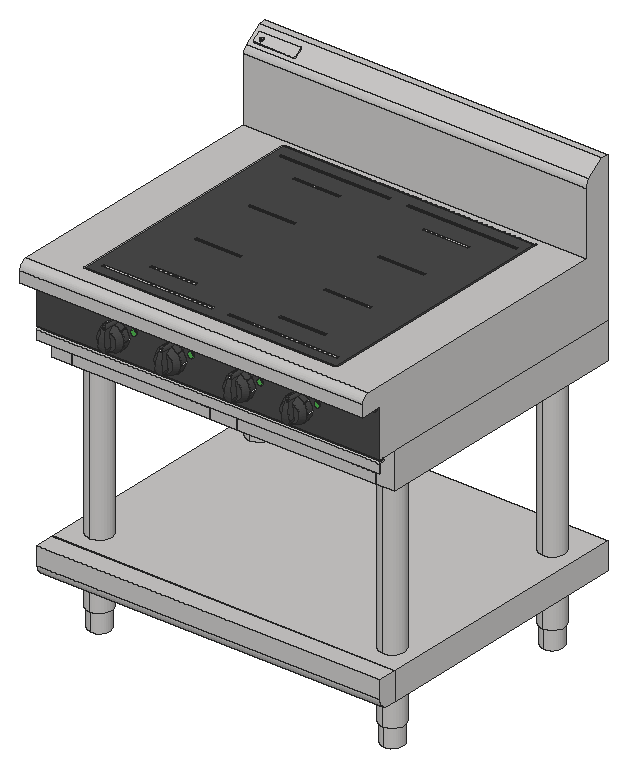
Revit family "QF_Moffat_INB8400F-LS_Induction_Cooktop_cat", category Specialty Equipment, Revit 2019
Family settings
  Round Connector Dimension = Use Diameter
  Part Type = Normal
  Work Plane-Based = No
  Always vertical = Yes
  Cut with Voids When Loaded = No
  Shared = No
  Room Calculation Point = No
Parameters (values of type "INB8400F-LS_415/60/3")
  Weight in Kilograms = 105
  Watts = 20000 W
  Volts = 415 V
  URL Cutsheet = ""
  Specification by User = ""
  Specification by Manufacturer = ""
  Show Logo [instance] = yes
  Serial Number = ""
  Seismic Rating = ""
  SMACNA No = ""
  Revision Code = ""
  Phase = 3
  Number of Poles = 1
  NAFEM Spec ID Number = ""
  Model = "INB8400F-LS"
  Min Ckt Ampacity = 0 A
  Max Overcurrent Protection = 0 A
  Masterspec = ""
  Manufacturer = "Moffat"
  Length = 900 mm
  Item Number = ""
  Installed By = ""
  Identify Quantity as Lot = yes
  Height = 1130 mm
  HP = ""
  Furnished By = ""
  Foodservice Equipment Identifier = yes
  FL Amps = 28 A
  Electrical Remarks = ""
  Electric Connection Type = ""
  Elec Conn RI Height = 0 mm
  Elec Conn Connection Height = 0 mm
  Description = "Induction Cooktop"
  Depth = 805 mm
  Cycle = 60 Hz
  Conn Plug = ""
  Conn Conduit = yes
  CSI MasterFormat = ""
  Apparent Power = 16608 VA
Reference planes
  plane 1 "BACK": y = 0
  plane 2: z = 0
  plane 3 "LEFT": x = 0
  plane 4 "RIGHT": x = 900
  plane 5 "FRONT": y = -805
  plane 6 "TOP": z = 1130
  plane 7 "Center Y": x = 450
  plane 8 "Center X": y = -402.5
  plane 9: x = 65.5
  plane 10: x = 834.5
  plane 11: y = -30
  plane 12: z = 150
  plane 13: y = -100
  plane 14: y = -625
  plane 15: y = -70
  plane 16: z = 915
  plane 17: x = 770
Forms (mm)
  Extrusion 1, solid, material "QF_Metal_Stainless_Polished"
    sketch origin (0, 0, 560) x (0, 1, 0) y (0, 0, 1)
      loop
        line (0, 180) -> (0, 570) -> (-18.182, 570) -> (-60.863, 538.99)
        arc (-60.863, 538.99) -> (-67.584, 531.121) -> (-70, 521.058) r 22.165
        line (-70, 521.058) -> (-70, 355) -> (-784.417, 355)
        arc (-784.417, 355) -> (-798.971, 348.971) -> (-805, 334.417) r 20.583
        line (-805, 334.417) -> (-805, 305) -> (-749, 305) -> (-749, 180) -> (0, 180)
    from 0 to 900
  Extrusion 2, void
    sketch origin (0, -784.171, 915) x (0, 1, 0) y (-1, 0, 0)
      loop
        arc (699.341, -122.382) -> (697.584, -118.139) -> (693.341, -116.382) r 6
        line (693.341, -116.382) -> (45.245, -116.382)
        arc (45.245, -116.382) -> (41.002, -118.139) -> (39.245, -122.382) r 6
        line (39.245, -122.382) -> (39.245, -777.618)
        arc (39.245, -777.618) -> (41.002, -781.861) -> (45.245, -783.618) r 6
        line (45.245, -783.618) -> (693.341, -783.618)
        arc (693.341, -783.618) -> (697.584, -781.861) -> (699.341, -777.618) r 6
        line (699.341, -777.618) -> (699.341, -122.382)
    from 0 to -9.5
  Extrusion 3, solid, material "QF_Plastic_Black_Smooth"
    sketch origin (0, -784.171, 915) x (0, 1, 0) y (-1, 0, 0)
      loop
        line (695.341, -777.618) -> (695.341, -122.382)
        arc (695.341, -122.382) -> (694.755, -120.968) -> (693.341, -120.382) r 2
        line (693.341, -120.382) -> (45.245, -120.382)
        arc (45.245, -120.382) -> (43.831, -120.968) -> (43.245, -122.382) r 2
        line (43.245, -122.382) -> (43.245, -777.618)
        arc (43.245, -777.618) -> (43.831, -779.032) -> (45.245, -779.618) r 2
        line (45.245, -779.618) -> (693.341, -779.618)
        arc (693.341, -779.618) -> (694.755, -779.032) -> (695.341, -777.618) r 2
      loop
        line (663.444, -138.924) -> (657.444, -138.924) -> (657.444, -426.076) -> (663.444, -426.076) -> (663.444, -138.924)
      loop
        line (78.838, -141.424) -> (72.838, -141.424) -> (72.838, -428.576) -> (78.838, -428.576) -> (78.838, -141.424)
      loop
        line (663.444, -761.076) -> (663.444, -473.924) -> (657.444, -473.924) -> (657.444, -761.076) -> (663.444, -761.076)
      loop
        line (78.838, -758.576) -> (78.838, -471.424) -> (72.838, -471.424) -> (72.838, -758.576) -> (78.838, -758.576)
      loop
        line (600.671, -220) -> (600.671, -340) -> (606.671, -340) -> (606.671, -220) -> (600.671, -220)
      loop
        line (454.421, -220) -> (454.421, -340) -> (460.421, -340) -> (460.421, -220) -> (454.421, -220)
      loop
        line (283.728, -340) -> (283.728, -220) -> (277.728, -220) -> (277.728, -340) -> (283.728, -340)
      loop
        line (136.404, -340) -> (136.404, -220) -> (130.404, -220) -> (130.404, -340) -> (136.404, -340)
      loop
        line (600.671, -680) -> (606.671, -680) -> (606.671, -560) -> (600.671, -560) -> (600.671, -680)
      loop
        line (454.421, -680) -> (460.421, -680) -> (460.421, -560) -> (454.421, -560) -> (454.421, -680)
      loop
        line (283.728, -560) -> (277.728, -560) -> (277.728, -680) -> (283.728, -680) -> (283.728, -560)
      loop
        line (136.404, -560) -> (130.404, -560) -> (130.404, -680) -> (136.404, -680) -> (136.404, -560)
    from 0 to -9.5
  Extrusion 4, solid, material "QF_Metal_Stainless_Polished"
    sketch origin (0, 0, 600) x (0, 1, 0) y (0, 0, 1)
      loop
        line (-739.467, 140) -> (-738.192, 134.838)
        arc (-738.192, 134.838) -> (-738.307, 134.302) -> (-738.799, 134.063) r 0.625
        line (-738.799, 134.063) -> (-746.111, 134.063)
        arc (-746.111, 134.063) -> (-748.011, 133.276) -> (-748.797, 131.377) r 2.686
        line (-748.797, 131.377) -> (-748.797, 107.627) -> (-747.197, 107.627) -> (-747.197, 131.242)
        arc (-747.197, 131.242) -> (-746.84, 132.105) -> (-745.976, 132.463) r 1.221
        line (-745.976, 132.463) -> (-738.755, 132.463)
        arc (-738.755, 132.463) -> (-737.028, 133.304) -> (-736.625, 135.182) r 2.194
        line (-736.625, 135.182) -> (-737.815, 140) -> (-739.467, 140)
    from 0 to 900
  Extrusion 5, solid, material "QF_Plastic_Black_Smooth"
    sketch origin (0, -749, 741.875) x (0, 0, 1) y (-1, 0, 0)
      loop
        circle (112.843, -13.157) r 5
      loop
        circle (112.843, -886.843) r 5
    from 0 to 1.6
  Extrusion 6, solid, material "QF_Metal_Stainless_Polished"
    sketch origin (450, -699, 645) x (0, 1, 0) y (1, 0, 0)
      loop
        circle (669, 320) r 6.35
    from 0 to 10
  Extrusion 7, solid, material "QF_Metal_Stainless_Polished"
    sketch origin (0, -699, 645) x (1, 0, 0) y (0, -1, 0)
      loop
        line (0, -699) -> (900, -699) -> (900, 0) -> (849.2, 0) -> (849.2, -25.4) -> (485.8, -25.4) -> (485.8, 0) -> (414.2, 0) -> (414.2, -25.4) -> (50.8, -25.4) -> (50.8, 0) -> (0, 0) -> (0, -699)
    from 0 to -95
  Extrusion 8, solid, material "QF_Metal_Stainless_Polished"
    sketch origin (50.8, -30, 645) x (0, 1, 0) y (0, 0, 1)
      loop
        line (-669, 0) -> (-643.6, 0) -> (-643.6, 26.45) -> (-669, 26.45) -> (-669, 0)
      loop
        line (-669, 32.45) -> (-643.6, 32.45) -> (-643.6, 66.4) -> (-669, 66.4) -> (-669, 32.45)
      loop
        line (-669, 67.4) -> (-643.6, 67.4) -> (-643.6, 95) -> (-669, 95) -> (-669, 67.4)
    from 0 to 363.4
  Extrusion 9, solid, material "QF_Metal_Stainless_Polished"
    sketch origin (900, 0, 560) x (-1, 0, 0) y (0, -1, 0)
      loop
        line (761.076, 126.726) -> (473.924, 126.726) -> (473.924, 120.726) -> (761.076, 120.726) -> (761.076, 126.726)
      loop
        line (680, 183.5) -> (560, 183.5) -> (560, 177.5) -> (680, 177.5) -> (680, 183.5)
      loop
        line (680, 329.75) -> (560, 329.75) -> (560, 323.75) -> (680, 323.75) -> (680, 329.75)
      loop
        line (680, 506.443) -> (560, 506.443) -> (560, 500.443) -> (680, 500.443) -> (680, 506.443)
      loop
        line (680, 653.766) -> (560, 653.766) -> (560, 647.766) -> (680, 647.766) -> (680, 653.766)
      loop
        line (758.576, 711.333) -> (471.424, 711.333) -> (471.424, 705.333) -> (758.576, 705.333) -> (758.576, 711.333)
      loop
        line (138.924, 126.726) -> (138.924, 120.726) -> (426.076, 120.726) -> (426.076, 126.726) -> (138.924, 126.726)
      loop
        line (220, 183.5) -> (220, 177.5) -> (340, 177.5) -> (340, 183.5) -> (220, 183.5)
      loop
        line (220, 329.75) -> (220, 323.75) -> (340, 323.75) -> (340, 329.75) -> (220, 329.75)
      loop
        line (220, 506.443) -> (220, 500.443) -> (340, 500.443) -> (340, 506.443) -> (220, 506.443)
      loop
        line (220, 653.766) -> (220, 647.766) -> (340, 647.766) -> (340, 653.766) -> (220, 653.766)
      loop
        line (141.424, 711.333) -> (141.424, 705.333) -> (428.576, 705.333) -> (428.576, 711.333) -> (141.424, 711.333)
    from 355 to 345.5
  Extrusion 10, solid, material "QF_Paint_Green"
    sketch origin (123.231, -748.999, 713.75) x (0, 0, 1) y (-1, 0, 0)
      loop
        circle (100.3, -282.5) r 7.15
    from 0 to 1.6
  Extrusion 11, solid, material "QF_Plastic_Black_Smooth"
    sketch origin (135, -748.999, 725.625) x (0, 0, 1) y (-1, 0, 0)
      loop
        circle (112.843, -225) r 5
    from 0 to 1.6
  Extrusion 12, solid, material "QF_Paint_Green"
    sketch origin (-26.769, -748.999, 713.75) x (0, 0, 1) y (-1, 0, 0)
      loop
        circle (100.3, -282.5) r 7.15
    from 0 to 1.6
  Extrusion 13, solid, material "QF_Plastic_Black_Smooth"
    sketch origin (-15, -748.999, 725.625) x (0, 0, 1) y (-1, 0, 0)
      loop
        circle (112.843, -225) r 5
    from 0 to 1.6
  Extrusion 14, solid, material "QF_Paint_Green"
    sketch origin (454.481, -748.999, 713.75) x (0, 0, 1) y (-1, 0, 0)
      loop
        circle (100.3, -282.5) r 7.15
    from 0 to 1.6
  Extrusion 15, solid, material "QF_Plastic_Black_Smooth"
    sketch origin (466.25, -748.999, 725.625) x (0, 0, 1) y (-1, 0, 0)
      loop
        circle (112.843, -225) r 5
    from 0 to 1.6
  Extrusion 16, solid, material "QF_Paint_Green"
    sketch origin (304.481, -748.999, 713.75) x (0, 0, 1) y (-1, 0, 0)
      loop
        circle (100.3, -282.5) r 7.15
    from 0 to 1.6
  Extrusion 17, solid, material "QF_Plastic_Black_Smooth"
    sketch origin (316.25, -748.999, 725.625) x (0, 0, 1) y (-1, 0, 0)
      loop
        circle (112.843, -225) r 5
    from 0 to 1.6
  Extrusion 18, solid, material "QF_Metal_Stainless_Polished"
    sketch origin (849.2, -30, 645) x (0, 1, 0) y (0, 0, -1)
      loop
        line (-669, 0) -> (-669, -26.45) -> (-643.6, -26.45) -> (-643.6, 0) -> (-669, 0)
      loop
        line (-669, -32.45) -> (-669, -66.4) -> (-643.6, -66.4) -> (-643.6, -32.45) -> (-669, -32.45)
      loop
        line (-669, -67.4) -> (-669, -95) -> (-643.6, -95) -> (-643.6, -67.4) -> (-669, -67.4)
    from 0 to 363.4
Cuts and joins
  Extrusion 2 cuts Extrusion 1
Lines and regions (mm)
  symbolic lines
    curve 1: line (0, 0, 0) -> (900, 0, 0)
    curve 2: line (0, -805, 0) -> (0, 0, 0)
    curve 3: line (900, -805, 0) -> (0, -805, 0)
    curve 4: line (900, 0, 0) -> (900, -805, 0)
    curve 5: line (0, -18.182, 0) -> (900, -18.182, 0)
    curve 6: line (0, -70, 0) -> (450, -70, 0)
    curve 7: line (122.382, -84.83, 0) -> (777.618, -84.83, 0)
    curve 8: arc (777.618, -84.83, 0) -> (781.861, -86.587, 0) -> (783.618, -90.83, 0) r 6
    curve 9: line (783.618, -90.83, 0) -> (783.618, -738.926, 0)
    curve 10: arc (783.618, -738.926, 0) -> (781.861, -743.168, 0) -> (777.618, -744.926, 0) r 6
    curve 11: line (777.618, -744.926, 0) -> (122.382, -744.926, 0)
    curve 12: arc (122.382, -744.926, 0) -> (118.139, -743.168, 0) -> (116.382, -738.926, 0) r 6
    curve 13: line (116.382, -738.926, 0) -> (116.382, -90.83, 0)
    curve 14: arc (116.382, -90.83, 0) -> (118.139, -86.587, 0) -> (122.382, -84.83, 0) r 6
    curve 15: line (777.618, -88.83, 0) -> (122.382, -88.83, 0)
    curve 16: arc (122.382, -88.83, 0) -> (120.968, -89.415, 0) -> (120.382, -90.83, 0) r 2
    curve 17: line (120.382, -90.83, 0) -> (120.382, -738.926, 0)
    curve 18: arc (120.382, -738.926, 0) -> (120.968, -740.34, 0) -> (122.382, -740.926, 0) r 2
    curve 19: line (122.382, -740.926, 0) -> (777.618, -740.926, 0)
    curve 20: arc (777.618, -740.926, 0) -> (779.032, -740.34, 0) -> (779.618, -738.926, 0) r 2
    curve 21: line (779.618, -738.926, 0) -> (779.618, -90.83, 0)
    curve 22: arc (779.618, -90.83, 0) -> (779.032, -89.415, 0) -> (777.618, -88.83, 0) r 2
    curve 23: line (783.618, -738.926, 0) -> (783.618, -90.83, 0)
    curve 24: line (779.618, -90.83, 0) -> (779.618, -738.926, 0)
    curve 25: line (138.924, -126.726, 0) -> (426.076, -126.726, 0)
    curve 26: line (426.076, -126.726, 0) -> (426.076, -120.726, 0)
    curve 27: line (426.076, -120.726, 0) -> (138.924, -120.726, 0)
    curve 28: line (138.924, -120.726, 0) -> (138.924, -126.726, 0)
    curve 29: line (220, -183.5, 0) -> (340, -183.5, 0)
    curve 30: line (340, -183.5, 0) -> (340, -177.5, 0)
    curve 31: line (340, -177.5, 0) -> (220, -177.5, 0)
    curve 32: line (220, -177.5, 0) -> (220, -183.5, 0)
    curve 33: line (220, -329.75, 0) -> (340, -329.75, 0)
    curve 34: line (340, -329.75, 0) -> (340, -323.75, 0)
    curve 35: line (340, -323.75, 0) -> (220, -323.75, 0)
    curve 36: line (220, -323.75, 0) -> (220, -329.75, 0)
    curve 37: line (220, -506.443, 0) -> (340, -506.443, 0)
    curve 38: line (340, -506.443, 0) -> (340, -500.443, 0)
    curve 39: line (340, -500.443, 0) -> (220, -500.443, 0)
    curve 40: line (220, -500.443, 0) -> (220, -506.443, 0)
    curve 41: line (220, -653.766, 0) -> (340, -653.766, 0)
    curve 42: line (340, -653.766, 0) -> (340, -647.766, 0)
    curve 43: line (340, -647.766, 0) -> (220, -647.766, 0)
    curve 44: line (220, -647.766, 0) -> (220, -653.766, 0)
    curve 45: line (141.424, -711.333, 0) -> (428.576, -711.333, 0)
    curve 46: line (428.576, -711.333, 0) -> (428.576, -705.333, 0)
    curve 47: line (428.576, -705.333, 0) -> (141.424, -705.333, 0)
    curve 48: line (141.424, -705.333, 0) -> (141.424, -711.333, 0)
    curve 49: line (471.424, -711.333, 0) -> (758.576, -711.333, 0)
    curve 50: line (758.576, -711.333, 0) -> (758.576, -705.333, 0)
    curve 51: line (758.576, -705.333, 0) -> (471.424, -705.333, 0)
    curve 52: line (471.424, -705.333, 0) -> (471.424, -711.333, 0)
    curve 53: line (680, -653.766, 0) -> (560, -653.766, 0)
    curve 54: line (560, -653.766, 0) -> (560, -647.766, 0)
    curve 55: line (560, -647.766, 0) -> (680, -647.766, 0)
    curve 56: line (680, -647.766, 0) -> (680, -653.766, 0)
    curve 57: line (560, -506.443, 0) -> (680, -506.443, 0)
    curve 58: line (680, -506.443, 0) -> (680, -500.443, 0)
    curve 59: line (680, -500.443, 0) -> (560, -500.443, 0)
    curve 60: line (560, -500.443, 0) -> (560, -506.443, 0)
    curve 61: line (560, -329.75, 0) -> (680, -329.75, 0)
    curve 62: line (680, -329.75, 0) -> (680, -323.75, 0)
    curve 63: line (680, -323.75, 0) -> (560, -323.75, 0)
    curve 64: line (560, -323.75, 0) -> (560, -329.75, 0)
    curve 65: line (680, -177.5, 0) -> (560, -177.5, 0)
    curve 66: line (560, -177.5, 0) -> (560, -183.5, 0)
    curve 67: line (560, -183.5, 0) -> (680, -183.5, 0)
    curve 68: line (680, -183.5, 0) -> (680, -177.5, 0)
    curve 69: line (473.924, -126.726, 0) -> (761.076, -126.726, 0)
    curve 70: line (761.076, -126.726, 0) -> (761.076, -120.726, 0)
    curve 71: line (761.076, -120.726, 0) -> (473.924, -120.726, 0)
    curve 72: line (473.924, -120.726, 0) -> (473.924, -126.726, 0)
    curve 73: line (0, 0, 560) -> (900, 0, 560)
    curve 74: line (0, -805, 560) -> (0, 0, 560)
    curve 75: line (900, -805, 560) -> (0, -805, 560)
    curve 76: line (900, 0, 560) -> (900, -805, 560)
    curve 77: line (0, -18.182, 560) -> (900, -18.182, 560)
    curve 78: line (0, -70, 560) -> (900, -70, 560)
    curve 79: line (122.382, -84.83, 560) -> (777.618, -84.83, 560)
    curve 80: arc (777.618, -84.83, 560) -> (781.861, -86.587, 560) -> (783.618, -90.83, 560) r 6
    curve 81: line (783.618, -90.83, 560) -> (783.618, -738.926, 560)
    curve 82: arc (783.618, -738.926, 560) -> (781.861, -743.168, 560) -> (777.618, -744.926, 560) r 6
    curve 83: line (777.618, -744.926, 560) -> (122.382, -744.926, 560)
    curve 84: arc (122.382, -744.926, 560) -> (118.139, -743.168, 560) -> (116.382, -738.926, 560) r 6
    curve 85: line (116.382, -738.926, 560) -> (116.382, -90.83, 560)
    curve 86: arc (116.382, -90.83, 560) -> (118.139, -86.587, 560) -> (122.382, -84.83, 560) r 6
    curve 87: line (777.618, -88.83, 560) -> (122.382, -88.83, 560)
    curve 88: arc (122.382, -88.83, 560) -> (120.968, -89.415, 560) -> (120.382, -90.83, 560) r 2
    curve 89: line (120.382, -90.83, 560) -> (120.382, -738.926, 560)
    curve 90: arc (120.382, -738.926, 560) -> (120.968, -740.34, 560) -> (122.382, -740.926, 560) r 2
    curve 91: line (122.382, -740.926, 560) -> (777.618, -740.926, 560)
    curve 92: arc (777.618, -740.926, 560) -> (779.032, -740.34, 560) -> (779.618, -738.926, 560) r 2
    curve 93: line (779.618, -738.926, 560) -> (779.618, -90.83, 560)
    curve 94: arc (779.618, -90.83, 560) -> (779.032, -89.415, 560) -> (777.618, -88.83, 560) r 2
    curve 95: line (783.618, -738.926, 560) -> (783.618, -90.83, 560)
    curve 96: line (779.618, -90.83, 560) -> (779.618, -738.926, 560)
    curve 97: line (138.924, -126.726, 560) -> (426.076, -126.726, 560)
    curve 98: line (426.076, -126.726, 560) -> (426.076, -120.726, 560)
    curve 99: line (426.076, -120.726, 560) -> (138.924, -120.726, 560)
    curve 100: line (138.924, -120.726, 560) -> (138.924, -126.726, 560)
    curve 101: line (220, -183.5, 560) -> (340, -183.5, 560)
    curve 102: line (340, -183.5, 560) -> (340, -177.5, 560)
    curve 103: line (340, -177.5, 560) -> (220, -177.5, 560)
    curve 104: line (220, -177.5, 560) -> (220, -183.5, 560)
    curve 105: line (220, -329.75, 560) -> (340, -329.75, 560)
    curve 106: line (340, -329.75, 560) -> (340, -323.75, 560)
    curve 107: line (340, -323.75, 560) -> (220, -323.75, 560)
    curve 108: line (220, -323.75, 560) -> (220, -329.75, 560)
    curve 109: line (220, -506.443, 560) -> (340, -506.443, 560)
    curve 110: line (340, -506.443, 560) -> (340, -500.443, 560)
    curve 111: line (340, -500.443, 560) -> (220, -500.443, 560)
    curve 112: line (220, -500.443, 560) -> (220, -506.443, 560)
    curve 113: line (220, -653.766, 560) -> (340, -653.766, 560)
    curve 114: line (340, -653.766, 560) -> (340, -647.766, 560)
    curve 115: line (340, -647.766, 560) -> (220, -647.766, 560)
    curve 116: line (220, -647.766, 560) -> (220, -653.766, 560)
    curve 117: line (141.424, -711.333, 560) -> (428.576, -711.333, 560)
    curve 118: line (428.576, -711.333, 560) -> (428.576, -705.333, 560)
    curve 119: line (428.576, -705.333, 560) -> (141.424, -705.333, 560)
    curve 120: line (141.424, -705.333, 560) -> (141.424, -711.333, 560)
    curve 121: line (471.424, -711.333, 560) -> (758.576, -711.333, 560)
    curve 122: line (758.576, -711.333, 560) -> (758.576, -705.333, 560)
    curve 123: line (758.576, -705.333, 560) -> (471.424, -705.333, 560)
    curve 124: line (471.424, -705.333, 560) -> (471.424, -711.333, 560)
    curve 125: line (680, -653.766, 560) -> (560, -653.766, 560)
    curve 126: line (560, -653.766, 560) -> (560, -647.766, 560)
    curve 127: line (560, -647.766, 560) -> (680, -647.766, 560)
    curve 128: line (680, -647.766, 560) -> (680, -653.766, 560)
    curve 129: line (560, -506.443, 560) -> (680, -506.443, 560)
    curve 130: line (680, -506.443, 560) -> (680, -500.443, 560)
    curve 131: line (680, -500.443, 560) -> (560, -500.443, 560)
    curve 132: line (560, -500.443, 560) -> (560, -506.443, 560)
    curve 133: line (560, -329.75, 560) -> (680, -329.75, 560)
    curve 134: line (680, -329.75, 560) -> (680, -323.75, 560)
    curve 135: line (680, -323.75, 560) -> (560, -323.75, 560)
    curve 136: line (560, -323.75, 560) -> (560, -329.75, 560)
    curve 137: line (680, -177.5, 560) -> (560, -177.5, 560)
    curve 138: line (560, -177.5, 560) -> (560, -183.5, 560)
    curve 139: line (560, -183.5, 560) -> (680, -183.5, 560)
    curve 140: line (680, -183.5, 560) -> (680, -177.5, 560)
    curve 141: line (473.924, -126.726, 560) -> (761.076, -126.726, 560)
    curve 142: line (761.076, -126.726, 560) -> (761.076, -120.726, 560)
    curve 143: line (761.076, -120.726, 560) -> (473.924, -120.726, 560)
    curve 144: line (473.924, -120.726, 560) -> (473.924, -126.726, 560)
Dimensions and locks
  equal spacing: plane 3 "LEFT", plane 7 "Center Y", plane 4 "RIGHT"
  "Length": plane 3 "LEFT" to plane 4 "RIGHT"
  equal spacing: plane 5 "FRONT", plane 8 "Center X", plane 1 "BACK"
  "Depth": plane 5 "FRONT" to plane 1 "BACK"
  "Height": plane 6 "TOP" to level
  plane 9 to plane 10 = 769 mm
  plane 4 "RIGHT" to plane 3 "LEFT" = 900 mm
  plane 6 "TOP" to plane 2 = 1130 mm
  plane 1 "BACK" to plane 11 = 30 mm
  plane 1 "BACK" to plane 13 to plane 14 = 100 mm, 525 mm
  plane 1 "BACK" to plane 15 = 70 mm
  plane 16 to level = 915 mm  (x2)
  level to plane 12 = 150 mm
  plane 12 to level = 150 mm
  plane 4 "RIGHT" to plane 17 = 130 mm
  plane 1 "BACK" to plane 5 "FRONT" = 805 mm
  locked: plane 10 to plane 4 "RIGHT" at 65.5
  Extrusion 6 to level = 635 mm
  aligned and locked: level to plane 2
  aligned and locked: plane 7 "Center Y" to nested 1
  aligned and locked: Extrusion 18 to Extrusion 7  (x2)
  aligned and locked: plane 8 "Center X" to nested 1
Automatic sketch dimensions
  curve 8 to curve 22 = 0 mm  (x2)
  curve 10 to curve 20 = 0 mm  (x2)
  curve 12 to curve 18 = 0 mm  (x2)
  curve 14 to curve 16 = 0 mm  (x2)
  plane 1 "BACK" to curve 1 = 0 mm
  curve 1 to plane 3 "LEFT" = 0 mm
  curve 6 to plane 7 "Center Y" = 0 mm
  curve 1 to plane 4 "RIGHT" = 0 mm
  plane 5 "FRONT" to curve 3 = 0 mm
  plane 15 to curve 6 = 0 mm
  curve 13 to plane 9 = 50.882 mm
  curve 13 to curve 17 = 4 mm
  curve 17 to curve 16 = 2 mm
  curve 17 to curve 18 = 2 mm
  curve 14 to curve 25 = 16.542 mm
  curve 18 to curve 48 = 19.042 mm
  curve 40 to plane 9 = 154.5 mm
  plane 14 to curve 44 = 22.766 mm
  curve 47 to curve 44 = 78.576 mm
  curve 25 to curve 29 = 81.076 mm
  plane 8 "Center X" to curve 36 = 72.75 mm
  curve 36 to curve 29 = 0 mm
  curve 34 to plane 7 "Center Y" = 110 mm
  curve 37 to plane 7 "Center Y" = 110 mm
  plane 14 to curve 41 = 28.766 mm
  curve 41 to plane 7 "Center Y" = 110 mm
  curve 31 to plane 7 "Center Y" = 110 mm
  curve 26 to plane 7 "Center Y" = 23.924 mm
  curve 45 to plane 7 "Center Y" = 21.424 mm
  plane 7 "Center Y" to curve 52 = 21.424 mm
  plane 7 "Center Y" to curve 72 = 23.924 mm
  curve 69 to curve 67 = 86.076 mm
  plane 7 "Center Y" to curve 64 = 110 mm
  plane 7 "Center Y" to curve 60 = 110 mm
  plane 14 to curve 55 = 22.766 mm
  curve 51 to curve 55 = 88.576 mm
  plane 14 to curve 56 = 28.766 mm
  curve 56 to plane 17 = 90 mm
  curve 63 to plane 17 = 90 mm
  curve 68 to plane 17 = 90 mm
  curve 59 to plane 17 = 90 mm
  curve 51 to plane 17 = 11.424 mm
  curve 69 to plane 17 = 8.924 mm
  plane 17 to curve 10 = 7.618 mm
  plane 17 to curve 7 = 7.618 mm
  curve 8 to curve 21 = 2 mm
  curve 11 to plane 5 "FRONT" = 60.074 mm
  curve 10 to curve 50 = 27.593 mm
  curve 18 to curve 45 = 27.593 mm
  curve 45 to curve 47 = 6 mm
  curve 49 to curve 51 = 6 mm
  curve 60 to plane 8 "Center X" = 103.943 mm
  curve 40 to plane 8 "Center X" = 103.943 mm
  curve 57 to curve 59 = 6 mm
  curve 37 to curve 40 = 6 mm
  plane 8 "Center X" to curve 62 = 72.75 mm
  curve 61 to curve 64 = 6 mm
  curve 33 to curve 34 = 6 mm
  plane 13 to curve 29 = 83.5 mm
  plane 13 to curve 67 = 83.5 mm
  curve 29 to curve 31 = 6 mm
  curve 67 to curve 68 = 6 mm
  plane 13 to curve 25 = 26.726 mm
  plane 13 to curve 72 = 26.726 mm
  curve 25 to curve 28 = 6 mm
  curve 69 to curve 71 = 6 mm
  curve 21 to plane 13 = 9.17 mm
  curve 5 to plane 11 = 11.818 mm
  Extrusion 1 sketch curve to plane 5 "FRONT" = 0 mm
  Extrusion 1 sketch curve to plane 16 = 0 mm
  Extrusion 1 sketch curve to plane 15 = 0 mm
  Extrusion 1 sketch curve to plane 6 "TOP" = 0 mm
  Extrusion 1 sketch curve to plane 1 "BACK" = 0 mm
  Extrusion 1 sketch curve to plane 5 "FRONT" = 20.583 mm
  Extrusion 1 sketch curve to plane 5 "FRONT" = 56 mm
  Extrusion 1 sketch curve to plane 15 = 9.137 mm
  plane 11 to Extrusion 1 sketch curve = 17.835 mm
  Extrusion 1 sketch curve to plane 11 = 11.818 mm
  Extrusion 1 sketch curve to Extrusion 1 sketch curve = 29.417 mm
  Extrusion 1 sketch curve to plane 16 = 175 mm
  Extrusion 1 sketch curve to plane 6 "TOP" = 48.942 mm
  Extrusion 2 sketch curve to Extrusion 1 = 39.492 mm
  Extrusion 2 sketch curve to Extrusion 2 sketch curve = 6 mm  (x3)
  Extrusion 1 to Extrusion 2 sketch curve = 20.83 mm  (x2)
  Extrusion 1 to Extrusion 2 sketch curve = 116.382 mm
  Extrusion 1 to Extrusion 2 sketch curve = 122.382 mm
  Extrusion 3 sketch curve to Extrusion 1 = 43.492 mm
  Extrusion 3 sketch curve to Extrusion 3 sketch curve = 2 mm  (x3)
  Extrusion 3 sketch curve to Extrusion 1 = 73.085 mm
  Extrusion 3 sketch curve to Extrusion 3 sketch curve = 0 mm  (x5)
  Extrusion 3 sketch curve to Extrusion 3 sketch curve = 6 mm  (x12)
  Extrusion 3 sketch curve to Extrusion 3 sketch curve = 51.566 mm  (x2)
  Extrusion 3 sketch curve to Extrusion 3 sketch curve = 141.323 mm  (x2)
  Extrusion 3 sketch curve to Extrusion 3 sketch curve = 170.693 mm  (x2)
  Extrusion 1 to Extrusion 3 sketch curve = 113.5 mm  (x2)
  Extrusion 1 to Extrusion 3 sketch curve = 56.726 mm
  Extrusion 1 to Extrusion 3 sketch curve = 20.83 mm  (x2)
  Extrusion 1 to Extrusion 3 sketch curve = 120.382 mm
  Extrusion 3 sketch curve to Extrusion 3 sketch curve = 16.542 mm
  Extrusion 3 sketch curve to Extrusion 3 sketch curve = 19.042 mm  (x2)
  Extrusion 3 sketch curve to Extrusion 3 sketch curve = 81.076 mm  (x2)
  Extrusion 3 sketch curve to Extrusion 3 sketch curve = 78.576 mm  (x3)
  Extrusion 3 sketch curve to Extrusion 3 sketch curve = 120 mm  (x8)
  Extrusion 3 sketch curve to Extrusion 3 sketch curve = 86.076 mm  (x2)
  Extrusion 3 sketch curve to Extrusion 3 sketch curve = 88.576 mm  (x2)
  Extrusion 3 sketch curve to Extrusion 3 sketch curve = 42.848 mm
  Extrusion 3 sketch curve to Extrusion 3 sketch curve = 47.848 mm
  Extrusion 4 sketch curve to plane 5 "FRONT" = 56.203 mm
  Extrusion 4 sketch curve to Extrusion 4 sketch curve = 1.6 mm
  Extrusion 4 sketch curve to Extrusion 4 sketch curve = 1.086 mm
  Extrusion 4 sketch curve to Extrusion 4 sketch curve = 0.135 mm  (x2)
  Extrusion 4 sketch curve to Extrusion 4 sketch curve = 6.644 mm
  Extrusion 4 sketch curve to Extrusion 4 sketch curve = 0.668 mm
  Extrusion 4 sketch curve to Extrusion 4 sketch curve = 0.044 mm
  Extrusion 4 sketch curve to Extrusion 4 sketch curve = 0.563 mm
  Extrusion 4 sketch curve to Extrusion 4 sketch curve = 1.652 mm
  Extrusion 4 sketch curve to Extrusion 4 sketch curve = 1.567 mm
  Extrusion 4 sketch curve to plane 16 = 207.373 mm
  Extrusion 4 sketch curve to Extrusion 4 sketch curve = 23.614 mm
  Extrusion 4 sketch curve to Extrusion 4 sketch curve = 0.594 mm
  Extrusion 4 sketch curve to Extrusion 4 sketch curve = 0.032 mm
  Extrusion 4 sketch curve to Extrusion 4 sketch curve = 5.162 mm
  Extrusion 1 to Extrusion 5 sketch curve = 10.282 mm  (x2)
  Extrusion 1 to Extrusion 5 sketch curve = 13.157 mm  (x2)
  Extrusion 7 to Extrusion 6 sketch curve = 30 mm
  Extrusion 6 sketch curve to Extrusion 7 = 79.2 mm
  Extrusion 7 sketch curve to plane 3 "LEFT" = 0 mm
  Extrusion 7 sketch curve to plane 4 "RIGHT" = 0 mm
  plane 1 "BACK" to Extrusion 7 sketch curve = 0 mm
  plane 9 to Extrusion 7 sketch curve = 14.7 mm
  Extrusion 7 sketch curve to plane 7 "Center Y" = 35.8 mm
  plane 7 "Center Y" to Extrusion 7 sketch curve = 35.8 mm
  Extrusion 7 sketch curve to plane 10 = 14.7 mm
  plane 14 to Extrusion 7 sketch curve = 48.6 mm  (x2)
  Extrusion 7 sketch curve to Extrusion 7 sketch curve = 25.4 mm  (x3)
  Extrusion 8 sketch curve to Extrusion 7 = 0 mm  (x8)
  Extrusion 7 to Extrusion 8 sketch curve = 26.45 mm
  Extrusion 8 sketch curve to Extrusion 8 sketch curve = 6 mm
  Extrusion 7 to Extrusion 8 sketch curve = 28.6 mm
  Extrusion 8 sketch curve to Extrusion 8 sketch curve = 1 mm
  plane 17 to Extrusion 9 sketch curve = 8.924 mm
  plane 17 to Extrusion 9 sketch curve = 11.424 mm
  Extrusion 9 sketch curve to plane 14 = 28.766 mm  (x2)
  plane 17 to Extrusion 9 sketch curve = 90 mm  (x4)
  Extrusion 9 sketch curve to plane 7 "Center Y" = 110 mm  (x4)
  Extrusion 9 sketch curve to plane 14 = 22.766 mm
  Extrusion 9 sketch curve to plane 7 "Center Y" = 23.924 mm
  Extrusion 9 sketch curve to plane 7 "Center Y" = 21.424 mm
  plane 7 "Center Y" to Extrusion 9 sketch curve = 21.424 mm
  plane 7 "Center Y" to Extrusion 9 sketch curve = 23.924 mm
  plane 7 "Center Y" to Extrusion 9 sketch curve = 110 mm  (x2)
  Extrusion 9 sketch curve to Extrusion 9 sketch curve = 88.576 mm
  Extrusion 9 sketch curve to Extrusion 9 sketch curve = 86.076 mm
  Extrusion 9 sketch curve to Extrusion 9 sketch curve = 120 mm  (x4)
  plane 9 to Extrusion 9 sketch curve = 75.924 mm
  Extrusion 9 sketch curve to plane 13 = 20.726 mm
  plane 9 to Extrusion 9 sketch curve = 73.424 mm
  Extrusion 9 sketch curve to plane 14 = 80.333 mm  (x2)
  Extrusion 9 sketch curve to Extrusion 9 sketch curve = 6 mm  (x11)
  plane 8 "Center X" to Extrusion 9 sketch curve = 103.943 mm  (x2)
  Extrusion 9 sketch curve to plane 8 "Center X" = 72.75 mm  (x2)
  Extrusion 9 sketch curve to plane 13 = 83.5 mm  (x2)
  Extrusion 9 sketch curve to plane 13 = 26.726 mm
  Extrusion 10 sketch curve to plane 7 "Center Y" = 44.269 mm
  Extrusion 10 sketch curve to plane 16 = 100.95 mm
  Extrusion 11 sketch curve to plane 16 = 76.532 mm
  Extrusion 11 sketch curve to plane 7 "Center Y" = 90 mm
  Extrusion 12 sketch curve to plane 16 = 100.95 mm
  Extrusion 12 sketch curve to plane 9 = 190.231 mm
  Extrusion 13 sketch curve to plane 16 = 76.532 mm
  Extrusion 13 sketch curve to plane 9 = 144.5 mm
  Extrusion 14 sketch curve to plane 17 = 33.019 mm
  Extrusion 14 sketch curve to plane 16 = 100.95 mm
  Extrusion 15 sketch curve to plane 16 = 76.532 mm
  Extrusion 15 sketch curve to plane 17 = 78.75 mm
  Extrusion 16 sketch curve to plane 16 = 100.95 mm
  plane 7 "Center Y" to Extrusion 16 sketch curve = 136.981 mm
  Extrusion 17 sketch curve to plane 16 = 76.532 mm
  plane 7 "Center Y" to Extrusion 17 sketch curve = 91.25 mm
  plane 14 to Extrusion 18 sketch curve = 74 mm
  Extrusion 18 sketch curve to Extrusion 18 sketch curve = 0 mm  (x4)
  Extrusion 18 sketch curve to Extrusion 18 sketch curve = 25.4 mm
  Extrusion 18 sketch curve to plane 16 = 175 mm
  Extrusion 18 sketch curve to Extrusion 18 sketch curve = 27.6 mm
  Extrusion 18 sketch curve to Extrusion 18 sketch curve = 1 mm
  Extrusion 18 sketch curve to Extrusion 18 sketch curve = 33.95 mm
  Extrusion 18 sketch curve to Extrusion 18 sketch curve = 6 mm
  Extrusion 18 sketch curve to Extrusion 18 sketch curve = 26.45 mm
  curve 80 to curve 94 = 0 mm  (x2)
  curve 82 to curve 92 = 0 mm
  curve 84 to curve 90 = 0 mm  (x2)
  curve 86 to curve 88 = 0 mm  (x2)
  plane 1 "BACK" to curve 73 = 0 mm
  curve 73 to plane 3 "LEFT" = 0 mm
  curve 75 to plane 4 "RIGHT" = 0 mm
  plane 5 "FRONT" to curve 75 = 0 mm
  plane 15 to curve 78 = 0 mm
  curve 85 to plane 9 = 50.882 mm
  curve 85 to curve 89 = 4 mm
  curve 89 to curve 88 = 2 mm
  curve 89 to curve 90 = 2 mm
  curve 86 to curve 97 = 16.542 mm
  curve 90 to curve 120 = 19.042 mm
  curve 112 to plane 9 = 154.5 mm
  plane 14 to curve 116 = 22.766 mm
  curve 119 to curve 116 = 78.576 mm
  curve 97 to curve 101 = 81.076 mm
  plane 8 "Center X" to curve 108 = 72.75 mm
  curve 108 to curve 101 = 0 mm
  curve 106 to plane 7 "Center Y" = 110 mm
  curve 109 to plane 7 "Center Y" = 110 mm
  plane 14 to curve 113 = 28.766 mm
  curve 113 to plane 7 "Center Y" = 110 mm
  curve 103 to plane 7 "Center Y" = 110 mm
  curve 98 to plane 7 "Center Y" = 23.924 mm
  curve 118 to plane 7 "Center Y" = 21.424 mm
  plane 7 "Center Y" to curve 124 = 21.424 mm
  plane 7 "Center Y" to curve 144 = 23.924 mm
  curve 141 to curve 139 = 86.076 mm
  plane 7 "Center Y" to curve 136 = 110 mm
  plane 7 "Center Y" to curve 132 = 110 mm
  plane 14 to curve 127 = 22.766 mm
  curve 123 to curve 127 = 88.576 mm
  curve 135 to plane 17 = 90 mm
  curve 137 to plane 17 = 90 mm
  curve 131 to plane 17 = 90 mm
  plane 14 to curve 128 = 28.766 mm
  curve 128 to plane 17 = 90 mm
  curve 122 to plane 17 = 11.424 mm
  curve 141 to plane 17 = 8.924 mm
  plane 17 to curve 91 = 7.618 mm
  plane 17 to curve 80 = 7.618 mm
  curve 80 to curve 96 = 2 mm
  curve 83 to plane 5 "FRONT" = 60.074 mm
  curve 82 to curve 122 = 27.593 mm
  curve 90 to curve 117 = 27.593 mm
  curve 117 to curve 119 = 6 mm
  curve 121 to curve 123 = 6 mm
  curve 132 to plane 8 "Center X" = 103.943 mm
  curve 112 to plane 8 "Center X" = 103.943 mm
  curve 129 to curve 131 = 6 mm
  curve 109 to curve 112 = 6 mm
  plane 8 "Center X" to curve 134 = 72.75 mm
  curve 133 to curve 136 = 6 mm
  curve 105 to curve 106 = 6 mm
  plane 13 to curve 101 = 83.5 mm
  plane 13 to curve 139 = 83.5 mm
  curve 101 to curve 103 = 6 mm
  curve 139 to curve 140 = 6 mm
  plane 13 to curve 97 = 26.726 mm
  plane 13 to curve 144 = 26.726 mm
  curve 97 to curve 100 = 6 mm
  curve 141 to curve 143 = 6 mm
  curve 93 to plane 13 = 9.17 mm
  curve 77 to plane 11 = 11.818 mm
  radius of Extrusion 5 sketch curve = 5 mm  (x2)
  radius of Extrusion 6 sketch curve = 6.35 mm
  radius of Extrusion 10 sketch curve = 7.15 mm
  radius of Extrusion 11 sketch curve = 5 mm
  radius of Extrusion 12 sketch curve = 7.15 mm
  radius of Extrusion 13 sketch curve = 5 mm
  radius of Extrusion 14 sketch curve = 7.15 mm
  radius of Extrusion 15 sketch curve = 5 mm
  radius of Extrusion 16 sketch curve = 7.15 mm
  radius of Extrusion 17 sketch curve = 5 mm
Nested families
  nested 1: "IN8400-LS_Leg Stand" at (0, 0, 0), type "IN511F-LS"
  nested 2: "QF_LOGO_Waldorf" at (12, -52.35, 1105.175), visible <- "Show Logo", type "QF_LOGO_Waldorf"
  nested 3: "Knob" at (327.5, -739.499, 760.75), type "Knob"
  nested 4: "Knob" at (177.5, -739.499, 760.75), type "Knob"
  nested 5: "Knob" at (658.75, -739.499, 760.75), type "Knob"
  nested 6: "Knob" at (508.75, -739.499, 760.75), type "Knob"
Connectors
  electrical at (770, -30, 635), driven by "Volts", driven by "Watts"
    settings: on Extrusion 6, index 5, voltage 415 V, apparent load 20000 VA, apparent load phase1 0 VA, apparent load phase2 0 VA, apparent load phase3 0 VA, power factor 1, load classification "Other", number of poles 1, system type 30, power factor state 1, is connector primary yes, connector utility no, sub classification motor no, connector description "ELECTRICAL CONNECTION"
Definition of nested family "IN8400-LS_Leg Stand"
  Parameters (values of type "IN511F-LS")
    Model = ""
    Manufacturer = ""
    Description = ""
  Reference planes
    plane 1 "BACK": y = 0
    plane 2: z = 0
    plane 3 "LEFT": x = 0
    plane 4 "RIGHT": x = 900
    plane 5 "FRONT": y = -805
    plane 6 "TOP": z = 1130
    plane 7 "Center Y": x = 450
    plane 8 "Center X": y = -402.5
    plane 9: x = 65.5
    plane 10: x = 834.5
    plane 11: z = 635
    plane 12: y = -100
    plane 13: y = -625
    plane 14: z = 150
    plane 15: z = 645
  Forms (mm)
    Revolve 1, solid
      sketch origin (65.5, -4572, 255.2) x (0, 0, -1) y (0, -1, 0)
        loop
          line (255.2, -3974.5) -> (255.2, -3947) -> (-389.8, -3947) -> (-389.8, -3978.75) -> (205.2, -3978.75) -> (205.2, -3974.5) -> (255.2, -3974.5)
        axis (-389.8, -3947) -> (255.2, -3947)
      angle from 0 to 360
    Revolve 2, solid
      sketch origin (834.5, -4572, 255.2) x (0, 0, -1) y (0, 1, 0)
        loop
          line (255.2, 3974.5) -> (205.2, 3974.5) -> (205.2, 3978.75) -> (-389.8, 3978.75) -> (-389.8, 3947) -> (255.2, 3947) -> (255.2, 3974.5)
        axis (-389.8, 3947) -> (255.2, 3947)
      angle from 0 to 360
    Extrusion 3, solid
      sketch origin (0, 0, 0) x (0, 1, 0) y (0, 0, 1)
        loop
          line (-747.95, 222.5) -> (-747.95, 175)
          arc (-747.95, 175) -> (-740.628, 157.322) -> (-722.95, 150) r 25
          line (-722.95, 150) -> (-697.95, 150) -> (-697.95, 222.5) -> (-747.95, 222.5)
      from 0 to 900
    Extrusion 4, solid
      sketch origin (0, 0, 0) x (0, 1, 0) y (0, 0, 1)
        loop
          line (-697.95, 222.5) -> (-697.95, 150) -> (0, 150) -> (0, 222.5) -> (-697.95, 222.5)
      from 0 to 900
    Revolve 5, solid
      sketch origin (65.5, -4047, 255.2) x (0, 0, -1) y (0, -1, 0)
        loop
          line (255.2, -3974.5) -> (255.2, -3947) -> (-389.8, -3947) -> (-389.8, -3978.75) -> (205.2, -3978.75) -> (205.2, -3974.5) -> (255.2, -3974.5)
        axis (-389.8, -3947) -> (255.2, -3947)
      angle from 0 to 360
    Revolve 6, solid
      sketch origin (834.5, -4047, 255.2) x (0, 0, -1) y (0, 1, 0)
        loop
          line (255.2, 3974.5) -> (205.2, 3974.5) -> (205.2, 3978.75) -> (-389.8, 3978.75) -> (-389.8, 3947) -> (255.2, 3947) -> (255.2, 3974.5)
        axis (-389.8, 3947) -> (255.2, 3947)
      angle from 0 to 360
  Cuts and joins
    joined: Revolve 1, Revolve 2, Extrusion 4, Revolve 5, Revolve 6
  Dimensions and locks
    equal spacing: plane 3 "LEFT", plane 7 "Center Y", plane 4 "RIGHT"
    plane 3 "LEFT" to plane 4 "RIGHT" = 900 mm
    equal spacing: plane 5 "FRONT", plane 8 "Center X", plane 1 "BACK"
    plane 5 "FRONT" to plane 1 "BACK" = 805 mm
    plane 6 "TOP" to level = 1130 mm
    plane 9 to plane 10 = 769 mm
    plane 4 "RIGHT" to plane 3 "LEFT" = 900 mm
    plane 1 "BACK" to plane 5 "FRONT" = 805 mm
    plane 6 "TOP" to plane 2 = 1130 mm
    plane 1 "BACK" to plane 12 to plane 13 = 100 mm, 525 mm
    plane 2 to plane 11 = 635 mm
    plane 14 to plane 2 = 150 mm
    plane 10 to plane 4 "RIGHT" = 65.5 mm
    equal spacing: plane 4 "RIGHT", plane 7 "Center Y", plane 3 "LEFT"
    locked: plane 10 to plane 4 "RIGHT" at 65.5
    aligned and locked: level to plane 2
    aligned and locked: cut or joined group of Revolve 1, Revolve 2, Extrusion 4, Revolve 5, Revolve 6 to plane 15  (x2)
    aligned and locked: plane 15 to cut or joined group of Revolve 1, Revolve 2, Extrusion 4, Revolve 5, Revolve 6  (x2)
    aligned and locked: Extrusion 3 to plane 4 "RIGHT"
    aligned and locked: cut or joined group of Revolve 1, Revolve 2, Extrusion 4, Revolve 5, Revolve 6 to plane 4 "RIGHT"
    aligned and locked: plane 10 to cut or joined group of Revolve 1, Revolve 2, Extrusion 4, Revolve 5, Revolve 6  (x2)
  Automatic sketch dimensions
    Revolve 1 sketch curve to plane 13 = 0 mm  (x2)
    Revolve 1 sketch curve to level = 0 mm  (x2)
    level to Revolve 1 sketch curve = 50 mm
    Revolve 1 sketch curve to plane 11 = 10 mm
    Revolve 1 sketch curve to Revolve 1 sketch curve = 27.5 mm
    Revolve 1 sketch curve to Revolve 1 sketch curve = 31.75 mm
    Revolve 1 sketch curve to Revolve 1 sketch curve = 25 mm
    Revolve 2 sketch curve to plane 13 = 0 mm  (x2)
    Revolve 2 sketch curve to level = 0 mm  (x2)
    level to Revolve 2 sketch curve = 50 mm
    Revolve 2 sketch curve to plane 11 = 10 mm
    Revolve 2 sketch curve to plane 13 = 27.5 mm
    Revolve 2 sketch curve to Revolve 2 sketch curve = 4.25 mm
    Revolve 2 sketch curve to Revolve 2 sketch curve = 25 mm
    Extrusion 3 sketch curve to plane 14 = 0 mm
    Extrusion 3 sketch curve to plane 5 "FRONT" = 57.05 mm
    Extrusion 3 sketch curve to Extrusion 3 sketch curve = 25 mm  (x2)
    Extrusion 3 sketch curve to Extrusion 3 sketch curve = 47.5 mm
    Extrusion 4 sketch curve to plane 14 = 0 mm
    Extrusion 4 sketch curve to plane 1 "BACK" = 0 mm
    plane 13 to Extrusion 4 sketch curve = 72.95 mm
    Extrusion 4 sketch curve to Extrusion 4 sketch curve = 72.5 mm
    Revolve 5 sketch curve to plane 12 = 0 mm  (x2)
    Revolve 5 sketch curve to level = 0 mm  (x2)
    level to Revolve 5 sketch curve = 50 mm
    Revolve 5 sketch curve to plane 11 = 10 mm
    Revolve 5 sketch curve to Revolve 5 sketch curve = 27.5 mm
    Revolve 5 sketch curve to Revolve 5 sketch curve = 31.75 mm
    Revolve 5 sketch curve to Revolve 5 sketch curve = 25 mm
    Revolve 6 sketch curve to plane 12 = 0 mm  (x2)
    Revolve 6 sketch curve to level = 0 mm  (x2)
    level to Revolve 6 sketch curve = 50 mm
    Revolve 6 sketch curve to plane 11 = 10 mm
    Revolve 6 sketch curve to plane 12 = 27.5 mm
    Revolve 6 sketch curve to Revolve 6 sketch curve = 4.25 mm
    Revolve 6 sketch curve to Revolve 6 sketch curve = 25 mm
Definition of nested family "QF_LOGO_Waldorf"
  Parameters (values of type "QF_LOGO_Waldorf")
    Weight in Pounds = 0
    URL Cutsheet = ""
    Specification by User = ""
    Specification by Manufacturer = ""
    Serial Number = ""
    Seismic Rating = ""
    SMACNA No = ""
    Revision Code = ""
    NAFEM Spec ID Number = ""
    Masterspec = ""
    Length = 138 mm
    Item Number = ""
    Installed By = ""
    Identify Quantity as Lot = yes
    Height = 26.711 mm
    Furnished By = ""
    Foodservice Equipment Identifier = yes
    Depth = 3.175 mm
    CSI MasterFormat = ""
  Reference planes
    plane 1 "BACK": y = 0
    plane 2: z = 0
    plane 3 "LEFT": x = 0
    plane 4 "RIGHT": x = 138
    plane 5 "FRONT": y = -3.175
    plane 6 "TOP": z = 26.711
    plane 7 "Center Y": x = 69
    plane 8 "Center X": y = -1.587
  Forms (mm)
    Extrusion 1, solid
      sketch origin (0, 0, 0) x (1, 0, 0) y (0, 0.809017, 0.587785)
        loop
          line (109, 3.464) -> (109, 23.247)
          spline (109, 23.247) -> (108.966, 23.699) -> (108.864, 24.143) -> (108.696, 24.572) -> (108.464, 24.979) -> (108.173, 25.355) -> (107.828, 25.696) -> (107.435, 25.995) -> (107, 26.247) -> (106.531, 26.447) -> (106.035, 26.593) -> (105.522, 26.681) -> (105, 26.711)
          line (105, 26.711) -> (4, 26.711)
          spline (4, 26.711) -> (3.478, 26.681) -> (2.965, 26.593) -> (2.469, 26.447) -> (2, 26.247) -> (1.565, 25.995) -> (1.172, 25.696) -> (0.827, 25.355) -> (0.536, 24.979) -> (0.304, 24.572) -> (0.136, 24.143) -> (0.034, 23.699) -> (0, 23.247)
          line (0, 23.247) -> (0, 3.464)
          spline (0, 3.464) -> (0.034, 3.012) -> (0.136, 2.568) -> (0.304, 2.138) -> (0.536, 1.732) -> (0.827, 1.355) -> (1.172, 1.015) -> (1.565, 0.716) -> (2, 0.464) -> (2.469, 0.264) -> (2.965, 0.118) -> (3.478, 0.03) -> (4, 0)
          line (4, 0) -> (105, 0)
          spline (105, 0) -> (105.522, 0.03) -> (106.035, 0.118) -> (106.531, 0.264) -> (107, 0.464) -> (107.435, 0.716) -> (107.828, 1.015) -> (108.173, 1.355) -> (108.464, 1.732) -> (108.696, 2.138) -> (108.864, 2.568) -> (108.966, 3.012) -> (109, 3.464)
        loop
          line (14.75, 7.005) -> (14.75, 15.654)
          arc (14.75, 15.654) -> (10.425, 11.329) -> (14.75, 7.005) r 4.325
        loop
          line (15.25, 15.654) -> (15.25, 7.005)
          arc (15.25, 7.005) -> (19.575, 11.329) -> (15.25, 15.654) r 4.325
      from 0 to 3.2
    Extrusion 2, solid
      sketch origin (0, 0, 0) x (1, 0, 0) y (0, 0.809017, 0.587785)
        loop
          line (15.25, 15.654) -> (15.25, 7.005)
          arc (15.25, 7.005) -> (19.575, 11.329) -> (15.25, 15.654) r 4.325
      from 0 to 3.2
    Extrusion 3, solid
      sketch origin (16.271, 0, 0) x (-1, 0, 0) y (0, -0.809017, -0.587785)
        loop
          arc (1.521, -15.654) -> (5.846, -11.329) -> (1.521, -7.005) r 4.325
          line (1.521, -7.005) -> (1.521, -15.654)
      from 0 to 3.2
  Lines and regions (mm)
    Split face 1
      outline origin (0, -1.881, 2.589) x (1, 0, 0) y (0, 0.809017, 0.587785)
        loop
          spline (22.129, 16.975) -> (22.389, 15.984) -> (22.649, 15.002) -> (22.91, 14.028) -> (23.172, 13.065) -> (23.433, 12.11) -> (23.695, 11.166) -> (23.956, 10.232) -> (24.218, 9.308) -> (24.479, 8.396) -> (24.74, 7.495) -> (25, 6.605) -> (25.26, 5.728)
          line (25.26, 5.728) -> (29.463, 5.728)
          spline (29.463, 5.728) -> (29.582, 6.252) -> (29.701, 6.78) -> (29.82, 7.313) -> (29.939, 7.85) -> (30.058, 8.391) -> (30.178, 8.936) -> (30.297, 9.485) -> (30.416, 10.038) -> (30.536, 10.594) -> (30.655, 11.155) -> (30.775, 11.719) -> (30.894, 12.287)
          spline (30.894, 12.287) -> (31.018, 11.719) -> (31.142, 11.155) -> (31.266, 10.594) -> (31.39, 10.038) -> (31.514, 9.485) -> (31.638, 8.936) -> (31.762, 8.391) -> (31.885, 7.85) -> (32.009, 7.313) -> (32.133, 6.78) -> (32.256, 6.252) -> (32.379, 5.728)
          line (32.379, 5.728) -> (36.51, 5.728)
          spline (36.51, 5.728) -> (36.766, 6.605) -> (37.023, 7.495) -> (37.28, 8.396) -> (37.538, 9.308) -> (37.795, 10.232) -> (38.053, 11.166) -> (38.311, 12.11) -> (38.569, 13.065) -> (38.826, 14.028) -> (39.083, 15.002) -> (39.34, 15.984) -> (39.597, 16.975)
          line (39.597, 16.975) -> (35.637, 16.975)
          spline (35.637, 16.975) -> (35.523, 16.334) -> (35.41, 15.697) -> (35.296, 15.063) -> (35.182, 14.433) -> (35.068, 13.807) -> (34.954, 13.185) -> (34.84, 12.566) -> (34.726, 11.952) -> (34.612, 11.342) -> (34.497, 10.737) -> (34.383, 10.135) -> (34.269, 9.538)
          spline (34.269, 9.538) -> (34.138, 10.135) -> (34.008, 10.737) -> (33.877, 11.342) -> (33.746, 11.952) -> (33.616, 12.566) -> (33.485, 13.185) -> (33.354, 13.807) -> (33.224, 14.433) -> (33.093, 15.063) -> (32.963, 15.697) -> (32.833, 16.334) -> (32.703, 16.975)
          line (32.703, 16.975) -> (29.247, 16.975)
          spline (29.247, 16.975) -> (29.111, 16.334) -> (28.974, 15.697) -> (28.837, 15.063) -> (28.7, 14.433) -> (28.562, 13.807) -> (28.425, 13.185) -> (28.288, 12.566) -> (28.15, 11.952) -> (28.013, 11.342) -> (27.875, 10.737) -> (27.738, 10.135) -> (27.6, 9.538)
          spline (27.6, 9.538) -> (27.483, 10.135) -> (27.366, 10.737) -> (27.249, 11.342) -> (27.132, 11.952) -> (27.015, 12.566) -> (26.897, 13.185) -> (26.78, 13.807) -> (26.663, 14.433) -> (26.546, 15.063) -> (26.43, 15.697) -> (26.313, 16.334) -> (26.196, 16.975)
          line (26.196, 16.975) -> (22.129, 16.975)
    Split face 2
      outline origin (0, -1.881, 2.589) x (1, 0, 0) y (0, 0.809017, 0.587785)
        loop
          line (51.449, 5.728) -> (51.035, 6.606) -> (51.035, 11.169)
          spline (51.035, 11.169) -> (50.686, 12.42) -> (50.176, 13.224) -> (49.51, 13.708) -> (48.693, 13.995) -> (47.747, 14.152) -> (46.698, 14.207) -> (45.579, 14.186) -> (44.419, 14.114) -> (43.279, 13.929) -> (42.249, 13.481) -> (41.424, 12.614) -> (40.897, 11.169)
          line (40.897, 11.169) -> (44.617, 11.169) -> (44.988, 11.965)
          spline (44.988, 11.965) -> (47.294, 11.682) -> (46.856, 10.932) -> (45.527, 10.609) -> (43.858, 10.439) -> (42.259, 10.123) -> (41.078, 9.417) -> (40.563, 8.246) -> (40.689, 6.989) -> (41.407, 6.052) -> (42.774, 5.536) -> (44.847, 5.497) -> (47.306, 6.602)
          line (47.306, 6.602) -> (47.624, 5.728) -> (51.449, 5.728)
    Split face 3
      outline origin (0, -1.881, 2.589) x (1, 0, 0) y (0, 0.809017, 0.587785)
        loop
          line (47.264, 9.264) -> (44.938, 8.597)
          spline (44.938, 8.597) -> (44.508, 8.228) -> (44.402, 7.9) -> (44.548, 7.626) -> (44.877, 7.42) -> (45.317, 7.295) -> (45.797, 7.265) -> (46.252, 7.342) -> (46.65, 7.525) -> (46.971, 7.813) -> (47.194, 8.201) -> (47.298, 8.685) -> (47.264, 9.264)
    Split face 4
      outline origin (0, -1.881, 2.589) x (1, 0, 0) y (0, 0.809017, 0.587785)
        loop
          line (53.33, 16.975) -> (53.33, 5.728) -> (57.173, 5.728) -> (57.173, 16.975) -> (53.33, 16.975)
    Split face 5
      outline origin (0, -1.881, 2.589) x (1, 0, 0) y (0, 0.809017, 0.587785)
        loop
          line (65.795, 16.975) -> (65.795, 12.976)
          spline (65.795, 12.976) -> (63.839, 14.082) -> (62.087, 14.096) -> (60.633, 13.343) -> (59.574, 12.148) -> (58.99, 10.806) -> (58.867, 9.452) -> (59.156, 8.159) -> (59.81, 7) -> (60.786, 6.056) -> (62.111, 5.514) -> (63.868, 5.634) -> (66.137, 6.679)
          line (66.137, 6.679) -> (66.137, 5.728) -> (69.511, 5.728) -> (69.511, 16.975) -> (65.795, 16.975)
    Split face 6
      outline origin (0, -1.881, 2.589) x (1, 0, 0) y (0, 0.809017, 0.587785)
        loop
          spline (64.273, 7.499) -> (64.754, 7.57) -> (65.202, 7.777) -> (65.587, 8.106) -> (65.882, 8.535) -> (66.067, 9.034) -> (66.131, 9.57) -> (66.067, 10.106) -> (65.882, 10.605) -> (65.587, 11.034) -> (65.202, 11.363) -> (64.754, 11.57) -> (64.273, 11.64)
          spline (64.273, 11.64) -> (63.793, 11.57) -> (63.345, 11.363) -> (62.96, 11.034) -> (62.665, 10.605) -> (62.479, 10.106) -> (62.416, 9.57) -> (62.479, 9.034) -> (62.665, 8.535) -> (62.96, 8.106) -> (63.345, 7.777) -> (63.793, 7.57) -> (64.273, 7.499)
    Split face 7
      outline origin (0, -1.881, 2.589) x (1, 0, 0) y (0, 0.809017, 0.587785)
        loop
          spline (76.449, 5.305) -> (77.855, 5.457) -> (79.166, 5.901) -> (80.291, 6.607) -> (81.155, 7.527) -> (81.698, 8.599) -> (81.883, 9.749) -> (81.698, 10.899) -> (81.155, 11.97) -> (80.291, 12.891) -> (79.166, 13.597) -> (77.855, 14.041) -> (76.449, 14.192)
          spline (76.449, 14.192) -> (75.042, 14.041) -> (73.731, 13.597) -> (72.606, 12.891) -> (71.742, 11.97) -> (71.199, 10.899) -> (71.014, 9.749) -> (71.199, 8.599) -> (71.742, 7.527) -> (72.606, 6.607) -> (73.731, 5.901) -> (75.042, 5.457) -> (76.449, 5.305)
    Split face 8
      outline origin (0, -1.881, 2.589) x (1, 0, 0) y (0, 0.809017, 0.587785)
        loop
          spline (76.449, 7.654) -> (76.841, 7.725) -> (77.206, 7.934) -> (77.52, 8.267) -> (77.76, 8.701) -> (77.912, 9.206) -> (77.963, 9.749) -> (77.912, 10.291) -> (77.76, 10.796) -> (77.52, 11.23) -> (77.206, 11.563) -> (76.841, 11.772) -> (76.449, 11.843)
          spline (76.449, 11.843) -> (76.057, 11.772) -> (75.691, 11.563) -> (75.378, 11.23) -> (75.137, 10.796) -> (74.986, 10.291) -> (74.934, 9.749) -> (74.986, 9.206) -> (75.137, 8.701) -> (75.378, 8.267) -> (75.691, 7.934) -> (76.057, 7.725) -> (76.449, 7.654)
    Split face 9
      outline origin (0, -1.881, 2.589) x (1, 0, 0) y (0, 0.809017, 0.587785)
        loop
          line (86.998, 12.335) -> (86.998, 13.879) -> (83.479, 13.879) -> (83.479, 5.728) -> (87.312, 5.728) -> (87.312, 8.975)
          spline (87.312, 8.975) -> (87.364, 9.356) -> (87.458, 9.686) -> (87.594, 9.968) -> (87.769, 10.204) -> (87.982, 10.398) -> (88.229, 10.55) -> (88.509, 10.666) -> (88.82, 10.746) -> (89.16, 10.794) -> (89.525, 10.812) -> (89.915, 10.803) -> (90.327, 10.77)
          line (90.327, 10.77) -> (90.327, 14.113)
          spline (90.327, 14.113) -> (89.929, 14.127) -> (89.552, 14.111) -> (89.197, 14.066) -> (88.865, 13.991) -> (88.554, 13.887) -> (88.266, 13.754) -> (87.999, 13.591) -> (87.755, 13.399) -> (87.532, 13.177) -> (87.332, 12.926) -> (87.154, 12.645) -> (86.998, 12.335)
    Split face 10
      outline origin (0, -1.881, 2.589) x (1, 0, 0) y (0, 0.809017, 0.587785)
        loop
          line (92.082, 13.879) -> (90.894, 13.879) -> (90.894, 11.972) -> (92.082, 11.972) -> (92.082, 5.728) -> (95.871, 5.728) -> (95.871, 11.972) -> (97.5, 11.972) -> (97.5, 13.879) -> (95.871, 13.879)
          spline (95.871, 13.879) -> (95.843, 14.088) -> (95.845, 14.278) -> (95.877, 14.447) -> (95.939, 14.596) -> (96.03, 14.726) -> (96.151, 14.835) -> (96.301, 14.925) -> (96.482, 14.995) -> (96.692, 15.045) -> (96.931, 15.075) -> (97.201, 15.085) -> (97.5, 15.076)
          line (97.5, 15.076) -> (97.5, 17.266) -> (95.367, 17.266)
          spline (95.367, 17.266) -> (94.982, 17.253) -> (94.58, 17.21) -> (94.174, 17.132) -> (93.774, 17.013) -> (93.39, 16.846) -> (93.034, 16.627) -> (92.717, 16.349) -> (92.448, 16.007) -> (92.24, 15.595) -> (92.102, 15.106) -> (92.046, 14.537) -> (92.082, 13.879)
  Dimensions and locks
    equal spacing: plane 3 "LEFT", plane 7 "Center Y", plane 4 "RIGHT"
    "Length": plane 3 "LEFT" to plane 4 "RIGHT"
    equal spacing: plane 5 "FRONT", plane 8 "Center X", plane 1 "BACK"
    "Depth": plane 5 "FRONT" to plane 1 "BACK"
    "Height": plane 6 "TOP" to level
    plane 4 "RIGHT" to plane 3 "LEFT" = 138 mm
    aligned and locked: level to plane 2
  Automatic sketch dimensions
    Extrusion 1 sketch curve to plane 3 "LEFT" = 0 mm
    plane 3 "LEFT" to Extrusion 1 sketch curve = 4 mm  (x2)
    Extrusion 1 sketch curve to Extrusion 1 sketch curve = 10.75 mm
    Extrusion 1 sketch curve to Extrusion 1 sketch curve = 0.5 mm
    plane 4 "RIGHT" to Extrusion 1 sketch curve = 33 mm
    Extrusion 1 sketch curve to Extrusion 1 sketch curve = 0 mm  (x3)
    Extrusion 1 sketch curve to Extrusion 1 sketch curve = 4 mm
    Extrusion 1 sketch curve to Extrusion 1 sketch curve = 3.464 mm  (x3)
    Extrusion 1 sketch curve to Extrusion 1 sketch curve = 3.541 mm
    Extrusion 1 sketch curve to Extrusion 1 sketch curve = 4.325 mm
    Extrusion 1 sketch curve to Extrusion 1 sketch curve = 19.783 mm
    Extrusion 1 sketch curve to Extrusion 1 sketch curve = 7.592 mm
    plane 3 "LEFT" to Extrusion 2 sketch curve = 15.25 mm
    Extrusion 2 sketch curve to Extrusion 2 sketch curve = 4.325 mm
    plane 3 "LEFT" to Extrusion 3 sketch curve = 14.75 mm
    Extrusion 3 sketch curve to Extrusion 3 sketch curve = 4.325 mm
    Extrusion 1 to Split face 1 sketch curve = 6.879 mm
    Split face 1 sketch curve to Extrusion 1 = 5.728 mm
    Split face 1 sketch curve to Split face 1 sketch curve = 3.132 mm
    Split face 1 sketch curve to Split face 1 sketch curve = 4.068 mm
    Split face 1 sketch curve to Split face 1 sketch curve = 3.051 mm
    Split face 1 sketch curve to Split face 1 sketch curve = 4.203 mm
    Split face 1 sketch curve to Split face 1 sketch curve = 2.916 mm
    Split face 1 sketch curve to Split face 1 sketch curve = 3.456 mm
    Split face 1 sketch curve to Split face 1 sketch curve = 2.934 mm
    Split face 1 sketch curve to Split face 1 sketch curve = 4.131 mm
    Split face 1 sketch curve to Split face 1 sketch curve = 3.96 mm
    Split face 1 sketch curve to Split face 1 sketch curve = 0 mm  (x2)
    Split face 1 sketch curve to Extrusion 1 = 9.736 mm  (x2)
    Extrusion 1 to Split face 1 sketch curve = 6.337 mm
    Extrusion 1 to Split face 1 sketch curve = 6.231 mm
    Extrusion 1 to Split face 1 sketch curve = 3.184 mm
    Extrusion 1 to Split face 1 sketch curve = 13.135 mm
    Split face 1 sketch curve to Split face 1 sketch curve = 4.652 mm
    Split face 1 sketch curve to Split face 1 sketch curve = 3.593 mm
    Split face 1 sketch curve to Split face 1 sketch curve = 1.863 mm
    Split face 1 sketch curve to Split face 1 sketch curve = 0.713 mm
    Split face 1 sketch curve to Split face 1 sketch curve = 2.684 mm
    Split face 1 sketch curve to Split face 1 sketch curve = 3.294 mm
    Split face 1 sketch curve to Split face 1 sketch curve = 0.459 mm
    Split face 1 sketch curve to Split face 1 sketch curve = 2.775 mm
    Split face 1 sketch curve to Split face 1 sketch curve = 1.89 mm
    Split face 1 sketch curve to Split face 1 sketch curve = 0.685 mm
